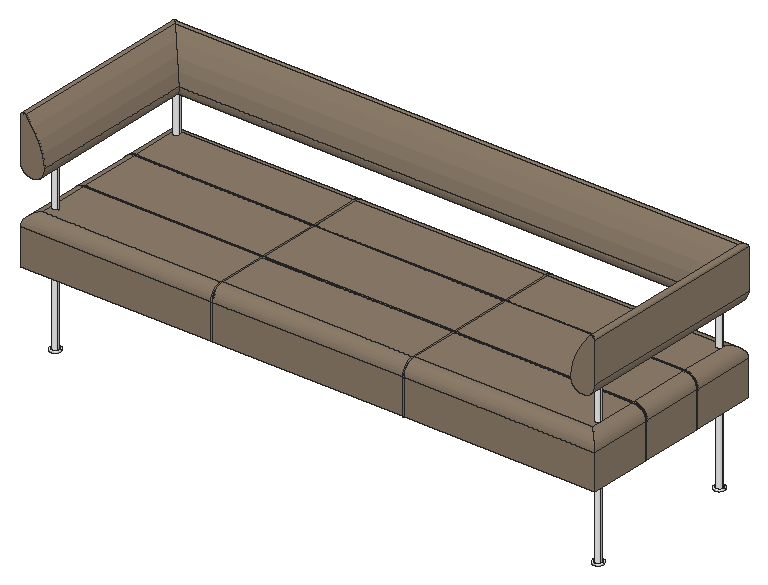
Revit family
Parameters (values of type "3 Seater Sofa")
  Width = 1800 mm
  Material Legs = Metal - Chrome Polished
  Material Fabric = Fabric - Leather Brown
  Keynote = "N"
  Height = 400 mm
  Depth = 600 mm
  Assembly Code = ""
Types (3, lengths in mm): name | Width
  Armchair | 800
  3 Seater Sofa | 1800
  2 Seater Sofa | 1350
Reference planes
  plane 1 "Center (Front/Back)": y = 0
  plane 2: z = 0
  plane 3 "Center (Left/Right)": x = 121.381
  plane 4: z = 400
  plane 5: z = 680
  plane 6: x = -778.619
  plane 7: x = 1021.381
  plane 8: y = -600
  plane 9: y = -200
  plane 10: y = -400
  plane 11: x = -178.619
  plane 12: x = 421.381
  plane 13: y = -525
  plane 14: y = -50
  plane 15: x = -728.619
  plane 16: x = 971.381
Forms (mm)
  Extrusion 1, solid, material "Fabric - Leather Brown" <- "Material Fabric"
    sketch origin (0, 0, 0) x (1, 0, 0) y (0, 0, 1)
      loop
        line (-778.619, 400) -> (-778.619, 250) -> (1021.381, 250) -> (1021.381, 400) -> (-778.619, 400)
    from 0 to 600
  Sweep 2, void
    path in 3D
      loop
        line (-778.619, -600, 400) -> (-778.619, 0, 400) -> (1021.381, 0, 400) -> (1021.381, -600, 400) -> (-778.619, -600, 400)
    profile origin (121.381, -600, 400) x (0, -1, 0) y (0, 0, 1)
      loop
        arc (-40, 0) -> (-11.716, -11.716) -> (0, -40) r 40
        line (0, -40) -> (0, 0) -> (-40, 0)
  Sweep 3, solid, material "Fabric - Leather Brown" <- "Material Fabric"
    path origin (-476.244, 0, 400) x (0, -1, 0) y (1, 0, 0)
      loop
        line (600, 1497.625) -> (0, 1497.625) -> (0, -302.375) -> (600, -302.375)
    profile origin (-778.619, -300, 400) x (1, 0, 0) y (0, 0, 1)
      loop
        line (0, 273.215) -> (0, 147.958)
        arc (0, 147.958) -> (39.839, 109.909) -> (76.016, 151.455) r 38.089
        arc (76.016, 151.455) -> (57.549, 220.795) -> (17.212, 280.142) r 214.142
        arc (17.212, 280.142) -> (6.266, 282.491) -> (0, 273.215) r 10
  Revolve 4, solid, material "Metal - Chrome Polished" <- "Material Legs"
    sketch origin (-372.845, -525, 1200) x (-1, 0, 0) y (0, 0, 1)
      loop
        line (355.774, -665.981) -> (355.774, -1200) -> (369.774, -1200)
        arc (369.774, -1200) -> (372.274, -1197.5) -> (369.774, -1195) r 2.5
        line (369.774, -1195) -> (364.774, -1195) -> (364.774, -665.981) -> (355.774, -665.981)
      axis (355.774, -1200) -> (355.774, -665.981)
    angle from 0 to 360
  Revolve 5, solid, material "Metal - Chrome Polished" <- "Material Legs"
    sketch origin (615.608, -525, 1200) x (1, 0, 0) y (0, 0, -1)
      loop
        line (355.774, 665.981) -> (364.774, 665.981) -> (364.774, 1195) -> (369.774, 1195)
        arc (369.774, 1195) -> (372.274, 1197.5) -> (369.774, 1200) r 2.5
        line (369.774, 1200) -> (355.774, 1200) -> (355.774, 665.981)
      axis (355.774, 1200) -> (355.774, 665.981)
    angle from 0 to 360
  Revolve 6, solid, material "Metal - Chrome Polished" <- "Material Legs"
    sketch origin (-399.747, -50, 1200) x (-1, 0, 0) y (0, 0, 1)
      loop
        line (328.872, -665.981) -> (328.872, -1200) -> (342.872, -1200)
        arc (342.872, -1200) -> (345.372, -1197.5) -> (342.872, -1195) r 2.5
        line (342.872, -1195) -> (337.872, -1195) -> (337.872, -665.981) -> (328.872, -665.981)
      axis (328.872, -1200) -> (328.872, -665.981)
    angle from 0 to 360
  Revolve 7, solid, material "Metal - Chrome Polished" <- "Material Legs"
    sketch origin (-399.747, -50, 1200) x (-1, 0, 0) y (0, 0, 1)
      loop
        line (-1371.128, -665.981) -> (-1380.128, -665.981) -> (-1380.128, -1195) -> (-1385.128, -1195)
        arc (-1385.128, -1195) -> (-1387.628, -1197.5) -> (-1385.128, -1200) r 2.5
        line (-1385.128, -1200) -> (-1371.128, -1200) -> (-1371.128, -665.981)
      axis (-1371.128, -1200) -> (-1371.128, -665.981)
    angle from 0 to 360
  Extrusion 8, void
    sketch origin (0, 0, 0) x (1, 0, 0) y (0, 1, 0)
      loop
        circle (-728.619, -50) r 9
      loop
        circle (971.381, -50) r 9
      loop
        circle (971.381, -525) r 9
      loop
        circle (-728.619, -525) r 9
    from 250 to 400
  Sweep 9, void
    path origin (-372.845, -525, 1200) x (-1, 0, 0) y (0, 0, 1)
      loop
        line (405.774, -950) -> (405.774, -840)
        arc (405.774, -840) -> (394.058, -811.716) -> (365.774, -800) r 40
        line (365.774, -800) -> (-1354.226, -800)
        arc (-1354.226, -800) -> (-1382.511, -811.716) -> (-1394.226, -840) r 40
        line (-1394.226, -840) -> (-1394.226, -950)
    profile origin (-778.619, -525, 305) x (1, 0, 0) y (0, 1, 0)
      loop
        arc (2.679, 125) -> (0.785, 125.785) -> (0, 127.679) r 2.679
        line (0, 127.679) -> (0, 122.321)
        arc (0, 122.321) -> (0.785, 124.215) -> (2.679, 125) r 2.679
      loop
        arc (2.679, 325) -> (0.785, 325.785) -> (0, 327.679) r 2.679
        line (0, 327.679) -> (0, 322.321)
        arc (0, 322.321) -> (0.785, 324.215) -> (2.679, 325) r 2.679
  Sweep 10, void
    path origin (121.381, 0, 0) x (0, 1, 0) y (0, 0, 1)
      loop
        line (0, 250) -> (0, 360)
        arc (0, 360) -> (-11.716, 388.284) -> (-40, 400) r 40
        line (-40, 400) -> (-560, 400)
        arc (-560, 400) -> (-588.284, 388.284) -> (-600, 360) r 40
        line (-600, 360) -> (-600, 250)
    profile origin (121.381, -600, 305) x (1, 0, 0) y (0, 1, 0)
      loop
        arc (-300, 2.679) -> (-300.785, 0.785) -> (-302.679, 0) r 2.679
        line (-302.679, 0) -> (-297.321, 0)
        arc (-297.321, 0) -> (-299.215, 0.785) -> (-300, 2.679) r 2.679
      loop
        arc (300, 2.679) -> (299.215, 0.785) -> (297.321, 0) r 2.679
        line (297.321, 0) -> (302.679, 0)
        arc (302.679, 0) -> (300.785, 0.785) -> (300, 2.679) r 2.679
Cuts and joins
  Sweep 2, Extrusion 8, Sweep 9, Sweep 10 cuts Extrusion 1
  Extrusion 8 cuts Revolve 5
  Extrusion 8 cuts Revolve 6
  Extrusion 8 cuts Revolve 7
Lines and regions (mm)
  sketch lines
    curve 1: line (1021.381, -600, 400) -> (-778.619, -600, 400)
    curve 2: line (-778.619, -600, 400) -> (-778.619, 0, 400)
    curve 3: line (-778.619, 0, 400) -> (1021.381, 0, 400)
    curve 4: line (1021.381, -600, 400) -> (1021.381, 0, 400)
Dimensions and locks
  equal spacing: plane 6, plane 3 "Center (Left/Right)", plane 7
  "Width": plane 6 to plane 7
  "Depth": plane 8 to plane 1 "Center (Front/Back)"
  equal spacing: plane 6, plane 11, plane 12, plane 7
  equal spacing: plane 1 "Center (Front/Back)", plane 9, plane 10, plane 8
  locked: plane 6 to plane 15 at 50
  locked: plane 16 to plane 7 at 50
  plane 14 to plane 1 "Center (Front/Back)" = 50 mm
  locked: plane 13 to plane 8 at 75
  locked: plane 5 to plane 4 at 280
  "Height": plane 4 to level
  aligned and locked: Extrusion 1 sketch curve to plane 4
  aligned and locked: Extrusion 1 to plane 8
  aligned and locked: plane 6 to Sweep 3 sketch curve
  aligned and locked: plane 1 "Center (Front/Back)" to Sweep 3 sketch curve
  aligned and locked: plane 7 to Sweep 3 sketch curve
  aligned and locked: Sweep 3 sketch curve to plane 8
  aligned and locked: plane 8 to Sweep 3 sketch curve
  aligned and locked: Extrusion 8 sketch curve to Revolve 6  (x2)
  aligned and locked: Extrusion 8 sketch curve to Revolve 7  (x2)
  aligned and locked: Extrusion 8 sketch curve to Revolve 5  (x2)
  aligned and locked: Extrusion 8 sketch curve to Revolve 4  (x2)
  aligned and locked: Extrusion 8 to plane 4
  aligned and locked: cut or joined group of Extrusion 1, Sweep 2, Extrusion 8, Sweep 9, Sweep 10 to Extrusion 8
  aligned and locked: Sweep 9 sketch curve to cut or joined group of Extrusion 1, Sweep 2, Extrusion 8, Sweep 9, Sweep 10  (x3)
  aligned and locked: Sweep 10 sketch curve to cut or joined group of Extrusion 1, Sweep 2, Extrusion 8, Sweep 9, Sweep 10  (x3)
  aligned and locked: plane 11 to Sweep 10 sketch curve
  aligned and locked: plane 12 to Sweep 10 sketch curve
  aligned and locked: plane 9 to Sweep 9 sketch curve
  aligned and locked: plane 10 to Sweep 9 sketch curve
Automatic sketch dimensions
  Extrusion 1 sketch curve to plane 6 = 0 mm
  Extrusion 1 sketch curve to plane 7 = 0 mm
  Extrusion 1 sketch curve to plane 4 = 150 mm
  Sweep 2 sketch curve to profile plane = 0 mm  (x2)
  profile plane to Sweep 2 sketch curve = 40 mm
  Sweep 3 sketch curve to profile plane = 0 mm
  profile plane to Sweep 3 sketch curve = 137.222 mm
  Sweep 3 sketch curve to profile plane = 10 mm
  Sweep 3 sketch curve to Sweep 3 sketch curve = 7.212 mm
  Sweep 3 sketch curve to Sweep 3 sketch curve = 0 mm
  Sweep 3 sketch curve to profile plane = 38.089 mm
  Sweep 3 sketch curve to Sweep 3 sketch curve = 37.928 mm
  plane 4 to Sweep 3 sketch curve = 131.794 mm
  Revolve 4 sketch curve to plane 15 = 0 mm  (x2)
  Revolve 4 sketch curve to level = 0 mm
  Revolve 4 sketch curve to Revolve 4 sketch curve = 9 mm
  Revolve 4 sketch curve to Revolve 4 sketch curve = 5 mm
  Revolve 4 sketch curve to level = 55 mm
  level to Revolve 4 sketch curve = 2.5 mm
  Revolve 4 sketch curve to Revolve 4 sketch curve = 80 mm
  plane 4 to Revolve 4 sketch curve = 134.019 mm
  Revolve 5 sketch curve to plane 16 = 0 mm  (x2)
  Revolve 5 sketch curve to level = 0 mm
  Revolve 5 sketch curve to Revolve 5 sketch curve = 9 mm
  Revolve 5 sketch curve to Revolve 5 sketch curve = 5 mm
  level to Revolve 5 sketch curve = 2.5 mm
  Revolve 5 sketch curve to Revolve 5 sketch curve = 80 mm
  plane 4 to Revolve 5 sketch curve = 134.019 mm
  Revolve 5 sketch curve to level = 55 mm
  Revolve 6 sketch curve to plane 15 = 0 mm  (x2)
  Revolve 6 sketch curve to level = 0 mm
  Revolve 6 sketch curve to Revolve 6 sketch curve = 9 mm
  Revolve 6 sketch curve to Revolve 6 sketch curve = 5 mm
  Revolve 6 sketch curve to level = 55 mm
  level to Revolve 6 sketch curve = 2.5 mm
  Revolve 6 sketch curve to Revolve 6 sketch curve = 80 mm
  plane 4 to Revolve 6 sketch curve = 134.019 mm
  Revolve 7 sketch curve to level = 0 mm
  Revolve 7 sketch curve to plane 16 = 0 mm  (x2)
  level to Revolve 7 sketch curve = 5 mm
  plane 16 to Revolve 7 sketch curve = 9 mm
  Revolve 7 sketch curve to Revolve 7 sketch curve = 5 mm
  Revolve 7 sketch curve to level = 55 mm
  Revolve 7 sketch curve to Revolve 7 sketch curve = 80 mm
  plane 4 to Revolve 7 sketch curve = 134.019 mm
  Sweep 9 sketch curve to Sweep 9 sketch curve = 110 mm  (x2)
  Sweep 9 sketch curve to profile plane = 0 mm  (x4)
  Sweep 9 sketch curve to profile plane = 2.679 mm  (x2)
  Sweep 9 sketch curve to Sweep 9 sketch curve = 0 mm  (x5)
  Sweep 9 sketch curve to Sweep 9 sketch curve = 2.679 mm
  Sweep 10 sketch curve to plane 4 = 150 mm
  Sweep 10 sketch curve to Sweep 10 sketch curve = 110 mm
  Sweep 10 sketch curve to profile plane = 0 mm  (x4)
  Sweep 10 sketch curve to Sweep 10 sketch curve = 2.679 mm  (x3)
  Sweep 10 sketch curve to Sweep 10 sketch curve = 0 mm  (x4)
  Sweep 10 sketch curve to profile plane = 2.679 mm
